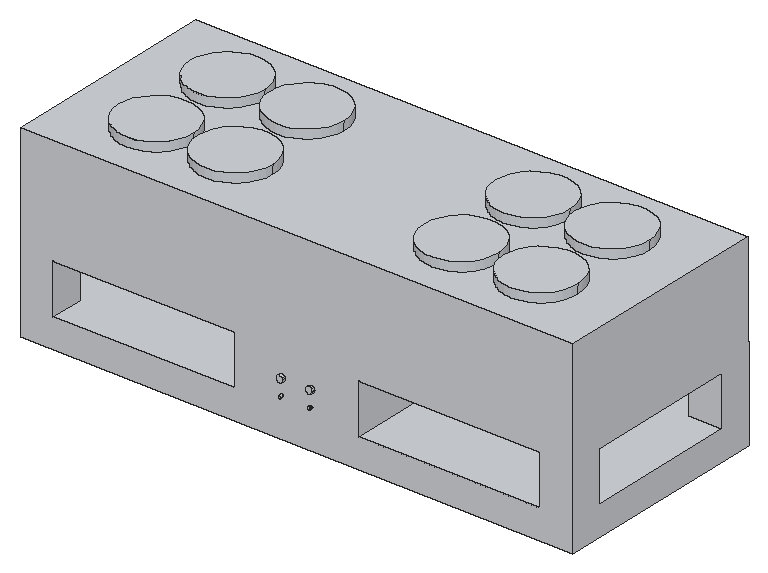
Revit family "313eb7569ce849a5b9f91ea2eea6e09b", category Mechanical Equipment, Revit 2021
Family settings
  Round Connector Dimension = Use Radius
  Part Type = Normal
  OmniClass Number = 23.75.10.24.21.11.11
  OmniClass Title = Packaged Refrigerant Condensing Coils and Fan Units
  Seek Item ID = Condensing Unit - Air Cooled - DX - 120-130 Tons-0000-USA-ENU
  Work Plane-Based = No
  Always vertical = Yes
  Cut with Voids When Loaded = No
  Shared = No
  Room Calculation Point = No
Parameters (values of type "120 Tons")
  Voltage = 460 V
  Visibility 2 = no
  Visibility 1 = yes
  Unit Width = 7' - 4 1/2"
  Unit Material = none
  Unit Length = 18' - 6 5/8"
  Unit Height 1 = 6' - 3 11/16"
  Unit Height  2 = 6' - 3 11/16"
  Outlet Radius = 9/16"
  Outlet Diameter = Outlet Radius * 2  # 1 1/8"
  Number of Poles = 3
  Maximum Operating Charge = 50' - 0"
  Load Classification = Cooling
  Length 3 = (Length 2 - 1' 1 1/4" * 2) / 4  # 1' - 6 17/64"
  Length 2 = 8' - 3 9/16"
  Length 1 = 8' - 3 9/16"
  Inlet Radius = 1 5/16"
  Inlet Diameter = Inlet Radius * 2  # 2 5/8"
  Height 3 = 2' - 8 3/16"
  Height 2 = 6' - 7 1/4"
  Height 1 = 6' - 7 1/4"
  Default Elevation = 0' - 0"
  C3 Offset1 = 1' - 10 3/8"
  C1 Offset1 = 1' - 3 7/8"
  Apparent Load 2 = 48000 VA
  Apparent Load 1 = 48000 VA
Types (3): name | Visibility 2 | Visibility 1 | Unit Length | Unit Height  2 | Length 3 | Length 2 | Height 2 | Apparent Load 2
  (no name) | no | yes | 18' - 6 5/8" | 6' - 3 11/16" | 1' - 6 17/64" | 8' - 3 9/16" | 6' - 7 1/4" | 48000 VA
  120 Tons | no | yes | 18' - 6 5/8" | 6' - 3 11/16" | 1' - 6 17/64" | 8' - 3 9/16" | 6' - 7 1/4" | 48000 VA
  130 Tons | yes | no | 20' - 6 3/8" | 6' - 11 3/4" | 2' - 0 3/16" | 10' - 3 1/4" | 7' - 3 3/8" | 60800 VA
Reference planes (in)
  plane 1 "Center (Front/Back)": y = 0
  plane 2: z = 0
  plane 3 "Center (Left/Right)": x = 0
  plane 4: x = 222.625
  plane 5: z = 75.6875
  plane 6: z = 75.6875
  plane 7: x = 99.5625
  plane 8: x = 123.0625
  plane 9: z = 79.25
  plane 10: z = 79.25
  plane 11: z = 32.1875
  plane 12: x = 13.25
  plane 13: x = 86.3125
  plane 14: x = 136.3125
  plane 15: x = 209.375
  plane 16: y = 88.5
  plane 17: z = 12
  plane 18: y = 75.25
  plane 19: y = 13.25
  plane 20: y = 44.25
  plane 21: y = 62.25
  plane 22: y = 26.25
  plane 23: x = 49.78125
  plane 24: x = 65.78125
  plane 25: x = 33.78125
  plane 26: x = 172.84375
  plane 27: x = 216.75
  plane 28: x = 128.9375
  plane 29: x = 188.84375
  plane 30: x = 156.84375
  plane 31: z = 3.125
  plane 32: x = 5.5
  plane 33: x = 128.5625
  plane 34: x = 111.3125
  plane 35: x = 105.4375
  plane 36: x = 117.1875
  plane 37: z = 15.875
  plane 38: z = 22.375
  plane 39: y = -1
Forms (in)
  Extrusion 1, solid, material <- "Unit Material"
    sketch origin (0, 0, 0) x (1, 0, 0) y (0, 0, 1)
      loop
        line (0, 75.6875) -> (0, 0) -> (123.0625, 0) -> (123.0625, 75.6875) -> (0, 75.6875)
    from -88.5 to 0
  Extrusion 2, solid, material <- "Unit Material"
    sketch origin (0, 0, 0) x (1, 0, 0) y (0, 0, 1)
      loop
        line (123.0625, 75.6875) -> (123.0625, 0) -> (222.625, 0) -> (222.625, 75.6875) -> (123.0625, 75.6875)
    from -88.5 to 0
  Extrusion 3, void
    sketch origin (0, 0, 0) x (1, 0, 0) y (0, 0, 1)
      loop
        line (13.25, 32.1875) -> (13.25, 12) -> (86.3125, 12) -> (86.3125, 32.1875) -> (13.25, 32.1875)
    from -88.5 to 0
  Extrusion 4, void
    sketch origin (0, 0, 0) x (1, 0, 0) y (0, 0, 1)
      loop
        line (136.3125, 32.1875) -> (136.3125, 12) -> (209.375, 12) -> (209.375, 32.1875) -> (136.3125, 32.1875)
    from -88.5 to 0
  Extrusion 5, void
    sketch origin (0, 0, 0) x (1, 0, 0) y (0, 1, 0)
      loop
        line (0, 75.25) -> (0, 13.25) -> (13.25, 13.25) -> (13.25, 75.25) -> (0, 75.25)
    from 12 to 32.1875
  Extrusion 6, void
    sketch origin (235, 0, 0) x (1, 0, 0) y (0, 1, 0)
      loop
        line (-25.625, 75.25) -> (-25.625, 13.25) -> (-12.375, 13.25) -> (-12.375, 75.25) -> (-25.625, 75.25)
    from 12 to 32.1875
  Extrusion 7, solid, material <- "Unit Material"
    sketch origin (0, 0, 0) x (1, 0, 0) y (0, 1, 0)
      loop
        circle (33.78125, 62.25) r 15
    from 75.6875 to 79.25
  Extrusion 8, solid, material <- "Unit Material"
    sketch origin (0, 88.5, 0) x (1, 0, 0) y (0, 1, 0)
      loop
        circle (33.78125, -62.25) r 15
    from 75.6875 to 79.25
  Extrusion 9, solid, material <- "Unit Material"
    sketch origin (99.5625, 0, 0) x (-1, 0, 0) y (0, -1, 0)
      loop
        circle (33.78125, -62.25) r 15
    from 75.6875 to 79.25
  Extrusion 10, solid, material <- "Unit Material"
    sketch origin (99.5625, 88.5, 0) x (-1, 0, 0) y (0, -1, 0)
      loop
        circle (33.78125, 62.25) r 15
    from 75.6875 to 79.25
  Extrusion 11, solid, material <- "Unit Material", visible <- "Visibility 2"
    sketch origin (194.34375, 0, 0) x (-1, 0, 0) y (0, -1, 0)
      loop
        circle (65.40625, -62.25) r 15
    from 75.6875 to 79.25
  Extrusion 12, solid, material <- "Unit Material", visible <- "Visibility 2"
    sketch origin (218.53125, 0, 0) x (-1, 0, 0) y (0, -1, 0)
      loop
        circle (45.6875, -62.25) r 15
    from 75.6875 to 79.25
  Extrusion 13, solid, material <- "Unit Material", visible <- "Visibility 2"
    sketch origin (242.71875, 0, 0) x (-1, 0, 0) y (0, -1, 0)
      loop
        circle (25.96875, -62.25) r 15
    from 75.6875 to 79.25
  Extrusion 14, solid, material <- "Unit Material", visible <- "Visibility 2"
    sketch origin (194.34375, 88.5, 0) x (-1, 0, 0) y (0, -1, 0)
      loop
        circle (65.40625, 62.25) r 15
    from 75.6875 to 79.25
  Extrusion 15, solid, material <- "Unit Material", visible <- "Visibility 2"
    sketch origin (218.53125, 88.5, 0) x (-1, 0, 0) y (0, -1, 0)
      loop
        circle (45.6875, 62.25) r 15
    from 75.6875 to 79.25
  Extrusion 16, solid, material <- "Unit Material", visible <- "Visibility 2"
    sketch origin (242.71875, 88.5, 0) x (-1, 0, 0) y (0, -1, 0)
      loop
        circle (25.96875, 62.25) r 15
    from 75.6875 to 79.25
  Extrusion 17, solid, material <- "Unit Material", visible <- "Visibility 1"
    sketch origin (190.625, 0, 0) x (-1, 0, 0) y (0, -1, 0)
      loop
        circle (33.78125, -62.25) r 15
    from 75.6875 to 79.25
  Extrusion 18, solid, material <- "Unit Material", visible <- "Visibility 1"
    sketch origin (222.625, 0, 0) x (-1, 0, 0) y (0, -1, 0)
      loop
        circle (33.78125, -62.25) r 15
    from 75.6875 to 79.25
  Extrusion 19, solid, material <- "Unit Material", visible <- "Visibility 1"
    sketch origin (190.625, 88.5, 0) x (-1, 0, 0) y (0, -1, 0)
      loop
        circle (33.78125, 62.25) r 15
    from 75.6875 to 79.25
  Extrusion 20, solid, material <- "Unit Material", visible <- "Visibility 1"
    sketch origin (222.625, 88.5, 0) x (-1, 0, 0) y (0, -1, 0)
      loop
        circle (33.78125, 62.25) r 15
    from 75.6875 to 79.25
  Extrusion 21, solid, material <- "Unit Material"
    sketch origin (0, 0, 0) x (1, 0, 0) y (0, 0, 1)
      loop
        circle (5.5, 3.125) r 0.5
    from -13.25 to 0
  Extrusion 22, solid, material <- "Unit Material"
    sketch origin (123.0625, 0, 0) x (1, 0, 0) y (0, 0, 1)
      loop
        circle (5.5, 3.125) r 0.5
    from -13.25 to 0
  Extrusion 23, solid, material <- "Unit Material"
    sketch origin (0, 0, 0) x (1, 0, 0) y (0, 0, 1)
      loop
        circle (105.4375, 15.875) r 0.5625
    from 0 to 1
  Extrusion 24, solid, material <- "Unit Material"
    sketch origin (222.625, 0, 0) x (-1, 0, 0) y (0, 0, -1)
      loop
        circle (105.4375, -15.875) r 0.5625
    from 0 to 1
  Extrusion 25, solid, material <- "Unit Material"
    sketch origin (0, 0, 6.5) x (1, 0, 0) y (0, 0, 1)
      loop
        circle (105.4375, 15.875) r 1.3125
    from 0 to 1
  Extrusion 26, solid, material <- "Unit Material"
    sketch origin (222.625, 0, 6.5) x (-1, 0, 0) y (0, 0, -1)
      loop
        circle (105.4375, -15.875) r 1.3125
    from 0 to 1
Cuts and joins
  Extrusion 3, Extrusion 5 cuts Extrusion 1
  Extrusion 4, Extrusion 6 cuts Extrusion 2
  joined: Extrusion 1, Extrusion 2, Extrusion 21, Extrusion 22, Extrusion 23, Extrusion 24, Extrusion 25, Extrusion 26
Dimensions and locks (in)
  "Unit Length": plane 4 to plane 3 "Center (Left/Right)"
  "Unit Height 1": plane 5 to plane 2
  "Unit Height  2": plane 6 to plane 2
  "Length 1": plane 7 to plane 3 "Center (Left/Right)"
  "Length 2": plane 4 to plane 8
  "Height 1": plane 9 to plane 2
  "Height 2": plane 10 to plane 2
  "Height 3": plane 11 to plane 2
  locked: plane 12 to plane 3 "Center (Left/Right)" at 13.25
  locked: plane 7 to plane 13 at 13.25
  locked: plane 14 to plane 8 at 13.25
  locked: plane 4 to plane 15 at 13.25
  "Unit Width": plane 1 "Center (Front/Back)" to plane 16
  locked: plane 17 to plane 2 at 12
  locked: plane 18 to plane 16 at 13.25
  locked: plane 1 "Center (Front/Back)" to plane 19 at 13.25
  equal spacing: plane 1 "Center (Front/Back)", plane 20, plane 16
  equal spacing: plane 12, plane 23, plane 13
  equal spacing: plane 21, plane 20, plane 22
  equal spacing: plane 25, plane 23, plane 24
  equal spacing: plane 14, plane 26, plane 15
  equal spacing: plane 28, plane 26, plane 27
  equal spacing: plane 30, plane 26, plane 29
  locked: plane 31 to plane 2 at 3.125
  locked: plane 32 to plane 3 "Center (Left/Right)" at 5.5
  locked: plane 33 to plane 8 at 5.5
  equal spacing: plane 8, plane 36, plane 34, plane 35, plane 7
  "C1 Offset1": plane 37 to plane 2
  "C3 Offset1": plane 38 to plane 2
  locked: plane 39 to plane 1 "Center (Front/Back)" at 1
  radius of Extrusion 7 sketch curve = 1' - 3"
  radius of Extrusion 8 sketch curve = 1' - 3"
  radius of Extrusion 9 sketch curve = 1' - 3"
  radius of Extrusion 10 sketch curve = 1' - 3"
  radius of Extrusion 11 sketch curve = 1' - 3"
  radius of Extrusion 12 sketch curve = 1' - 3"
  radius of Extrusion 13 sketch curve = 1' - 3"
  radius of Extrusion 14 sketch curve = 1' - 3"
  radius of Extrusion 15 sketch curve = 1' - 3"
  radius of Extrusion 16 sketch curve = 1' - 3"
  radius of Extrusion 17 sketch curve = 1' - 3"
  radius of Extrusion 18 sketch curve = 1' - 3"
  radius of Extrusion 19 sketch curve = 1' - 3"
  radius of Extrusion 20 sketch curve = 1' - 3"
  radius of Extrusion 21 sketch curve = 0' - 0 1/2"
  radius of Extrusion 22 sketch curve = 0' - 0 1/2"
  "Outlet Radius": radius of Extrusion 23 sketch curve
  "Outlet Radius": radius of Extrusion 24 sketch curve
  "Inlet Radius": radius of Extrusion 25 sketch curve
  "Inlet Radius": radius of Extrusion 26 sketch curve
  aligned and locked: plane 3 "Center (Left/Right)" to Extrusion 1 sketch curve
  aligned and locked: Extrusion 1 sketch curve to plane 5
  aligned and locked: Extrusion 1 sketch curve to plane 8
  aligned and locked: Extrusion 1 sketch curve to plane 2
  aligned and locked: Extrusion 2 sketch curve to plane 6
  aligned and locked: plane 8 to Extrusion 2 sketch curve
  aligned and locked: Extrusion 2 sketch curve to plane 4
  aligned and locked: Extrusion 2 sketch curve to plane 2
  aligned and locked: Extrusion 1 to plane 16
  aligned and locked: plane 1 "Center (Front/Back)" to Extrusion 1
  aligned and locked: Extrusion 2 to plane 16
  aligned and locked: plane 1 "Center (Front/Back)" to Extrusion 2
  aligned and locked: plane 12 to Extrusion 3 sketch curve
  aligned and locked: Extrusion 3 sketch curve to plane 11
  aligned and locked: plane 17 to Extrusion 3 sketch curve
  aligned and locked: Extrusion 3 sketch curve to plane 13
  aligned and locked: plane 14 to Extrusion 4 sketch curve
  aligned and locked: Extrusion 4 sketch curve to plane 11
  aligned and locked: Extrusion 4 sketch curve to plane 17
  aligned and locked: Extrusion 4 sketch curve to plane 15
  aligned and locked: Extrusion 1 to Extrusion 3
  aligned and locked: plane 1 "Center (Front/Back)" to Extrusion 3
  aligned and locked: plane 1 "Center (Front/Back)" to Extrusion 4
  aligned and locked: Extrusion 4 to plane 16
  aligned and locked: cut or joined group 1 (Extrusion 1, Extrusion 2, Extrusion 3, Extrusion 4, Extrusion 5, Extrusion 6, Extrusion 21, Extrusion 22, Extrusion 23, Extrusion 24, Extrusion 25, Extrusion 26) to Extrusion 5 sketch curve
  aligned and locked: plane 18 to Extrusion 5 sketch curve
  aligned and locked: plane 19 to Extrusion 5 sketch curve
  aligned and locked: Extrusion 5 sketch curve to plane 12
  aligned and locked: Extrusion 6 sketch curve to plane 19
  aligned and locked: plane 18 to Extrusion 6 sketch curve
  aligned and locked: plane 15 to Extrusion 6 sketch curve
  aligned and locked: Extrusion 6 sketch curve to plane 4
  aligned and locked: plane 11 to Extrusion 5
  aligned and locked: Extrusion 5 to plane 17
  aligned and locked: Extrusion 6 to plane 11
  aligned and locked: plane 17 to Extrusion 6
  aligned and locked: plane 21 to Extrusion 7 sketch curve
  aligned and locked: plane 25 to Extrusion 7 sketch curve
  aligned and locked: plane 22 to Extrusion 8 sketch curve
  aligned and locked: plane 25 to Extrusion 8 sketch curve
  aligned and locked: plane 21 to Extrusion 9 sketch curve
  aligned and locked: plane 24 to Extrusion 9 sketch curve
  aligned and locked: plane 22 to Extrusion 10 sketch curve
  aligned and locked: plane 24 to Extrusion 10 sketch curve
  aligned and locked: plane 9 to Extrusion 8
  aligned and locked: Extrusion 8 to plane 5
  aligned and locked: plane 9 to Extrusion 7
  aligned and locked: Extrusion 7 to plane 5
  aligned and locked: plane 9 to Extrusion 10
  aligned and locked: Extrusion 10 to plane 5
  aligned and locked: plane 9 to Extrusion 9
  aligned and locked: Extrusion 9 to plane 5
  aligned and locked: plane 28 to Extrusion 11 sketch curve
  aligned and locked: plane 21 to Extrusion 11 sketch curve
  aligned and locked: plane 21 to Extrusion 12 sketch curve
  aligned and locked: plane 26 to Extrusion 12 sketch curve
  aligned and locked: plane 21 to Extrusion 13 sketch curve
  aligned and locked: plane 27 to Extrusion 13 sketch curve
  aligned and locked: plane 22 to Extrusion 14 sketch curve
  aligned and locked: plane 28 to Extrusion 14 sketch curve
  aligned and locked: plane 26 to Extrusion 15 sketch curve
  aligned and locked: plane 22 to Extrusion 15 sketch curve
  aligned and locked: plane 22 to Extrusion 16 sketch curve
  aligned and locked: plane 27 to Extrusion 16 sketch curve
  aligned and locked: Extrusion 14 to plane 10
  aligned and locked: Extrusion 14 to plane 6
  aligned and locked: Extrusion 11 to plane 10
  aligned and locked: Extrusion 11 to plane 6
  aligned and locked: Extrusion 15 to plane 10
  aligned and locked: plane 6 to Extrusion 15
  aligned and locked: Extrusion 12 to plane 10
  aligned and locked: plane 6 to Extrusion 12
  aligned and locked: Extrusion 16 to plane 10
  aligned and locked: plane 6 to Extrusion 16
  aligned and locked: Extrusion 13 to plane 10
  aligned and locked: plane 6 to Extrusion 13
  aligned and locked: plane 30 to Extrusion 17 sketch curve
  aligned and locked: plane 21 to Extrusion 17 sketch curve
  aligned and locked: plane 21 to Extrusion 18 sketch curve
  aligned and locked: plane 29 to Extrusion 18 sketch curve
  aligned and locked: plane 22 to Extrusion 19 sketch curve
  aligned and locked: plane 30 to Extrusion 19 sketch curve
  aligned and locked: plane 22 to Extrusion 20 sketch curve
  aligned and locked: plane 29 to Extrusion 20 sketch curve
  aligned and locked: Extrusion 19 to plane 10
  aligned and locked: Extrusion 19 to plane 6
  aligned and locked: Extrusion 17 to plane 10
  aligned and locked: Extrusion 17 to plane 6
  aligned and locked: Extrusion 20 to plane 10
  aligned and locked: plane 6 to Extrusion 20
  aligned and locked: Extrusion 18 to plane 10
  aligned and locked: plane 6 to Extrusion 18
  aligned and locked: plane 31 to Extrusion 21 sketch curve
  aligned and locked: plane 32 to Extrusion 21 sketch curve
  aligned and locked: plane 31 to Extrusion 22 sketch curve
  aligned and locked: plane 33 to Extrusion 22 sketch curve
  aligned and locked: plane 37 to Extrusion 23 sketch curve
  aligned and locked: plane 35 to Extrusion 23 sketch curve
  aligned and locked: plane 37 to Extrusion 24 sketch curve
  aligned and locked: plane 36 to Extrusion 24 sketch curve
  aligned and locked: plane 38 to Extrusion 25 sketch curve
  aligned and locked: plane 35 to Extrusion 25 sketch curve
  aligned and locked: plane 38 to Extrusion 26 sketch curve
  aligned and locked: plane 36 to Extrusion 26 sketch curve
  aligned and locked: plane 39 to Extrusion 25
  aligned and locked: plane 39 to Extrusion 23
  aligned and locked: plane 39 to Extrusion 26
  aligned and locked: plane 39 to Extrusion 24
  aligned and locked: Extrusion 25 to plane 1 "Center (Front/Back)"
  aligned and locked: Extrusion 23 to plane 1 "Center (Front/Back)"
  aligned and locked: Extrusion 26 to plane 1 "Center (Front/Back)"
  aligned and locked: Extrusion 24 to plane 1 "Center (Front/Back)"
  aligned and locked: Extrusion 21 to plane 19
  aligned and locked: plane 1 "Center (Front/Back)" to Extrusion 21
  aligned and locked: Extrusion 22 to plane 19
  aligned and locked: plane 1 "Center (Front/Back)" to Extrusion 22
Connectors (in)
  piping at (105.4375, -1, 15.875), diameter 1.125, driven by "Outlet Radius"
    settings: on cut or joined group 1, index 1, connector inside diameter 1 1/8", connector length 0' - 0", flow factor 0, pipe flow 0 GPM, pressure drop 0.00 psi, fitting loss kfactor 0, connector angle 0.00°, fixture units 0, engagement length 0' - 0", angle of deflection 0.00°, flow configuration 0, flow direction 2, fitting loss method 0, system type 22, joint type 0, gender type 0, connector reference index 3, connector utility 0, adjustable connector no, is connector primary yes, connector description "Cryogen Out"
  piping at (117.1875, -1, 15.875), diameter 1.125, driven by "Outlet Radius"
    settings: on cut or joined group 1, index 2, connector inside diameter 1 1/8", connector length 0' - 0", flow factor 0, pipe flow 0 GPM, pressure drop 0.00 psi, fitting loss kfactor 0, connector angle 0.00°, fixture units 0, engagement length 0' - 0", angle of deflection 0.00°, flow configuration 0, flow direction 2, fitting loss method 0, system type 22, joint type 0, gender type 0, connector reference index 4, connector utility 0, adjustable connector no, is connector primary no, connector description "Cryogen Out"
  piping at (105.4375, -1, 22.375), diameter 2.625, driven by "Inlet Radius"
    settings: on cut or joined group 1, index 3, connector inside diameter 2 5/8", connector length 0' - 0", flow factor 0, pipe flow 0 GPM, pressure drop 0.00 psi, fitting loss kfactor 0, connector angle 0.00°, fixture units 0, engagement length 0' - 0", angle of deflection 0.00°, flow configuration 0, flow direction 1, fitting loss method 0, system type 22, joint type 0, gender type 0, connector reference index 1, connector utility 0, adjustable connector no, is connector primary no, connector description "Cryogen In"
  piping at (117.1875, -1, 22.375), diameter 2.625, driven by "Inlet Radius"
    settings: on cut or joined group 1, index 4, connector inside diameter 2 5/8", connector length 0' - 0", flow factor 0, pipe flow 0 GPM, pressure drop 0.00 psi, fitting loss kfactor 0, connector angle 0.00°, fixture units 0, engagement length 0' - 0", angle of deflection 0.00°, flow configuration 0, flow direction 1, fitting loss method 0, system type 22, joint type 0, gender type 0, connector reference index 2, connector utility 0, adjustable connector no, is connector primary no, connector description "Cryogen In"
  electrical at (5.5, 0, 3.125), driven by "Apparent Load 1", driven by "Voltage", driven by "Number of Poles", driven by "Load Classification"
    settings: on Extrusion 21, index 5, voltage 460 V, apparent load 48000 VA, apparent load phase1 0 VA, apparent load phase2 0 VA, apparent load phase3 0 VA, power factor 0.8, load classification "Cooling", number of poles 3, system type 30, power factor state 1, is connector primary yes, connector utility no, sub classification motor no, connector description ""
  electrical at (128.5625, 0, 3.125), driven by "Apparent Load 2", driven by "Voltage", driven by "Number of Poles", driven by "Load Classification"
    settings: on Extrusion 22, index 6, voltage 460 V, apparent load 48000 VA, apparent load phase1 0 VA, apparent load phase2 0 VA, apparent load phase3 0 VA, power factor 0.8, load classification "Cooling", number of poles 3, system type 30, power factor state 1, is connector primary no, connector utility no, sub classification motor no, connector description ""
